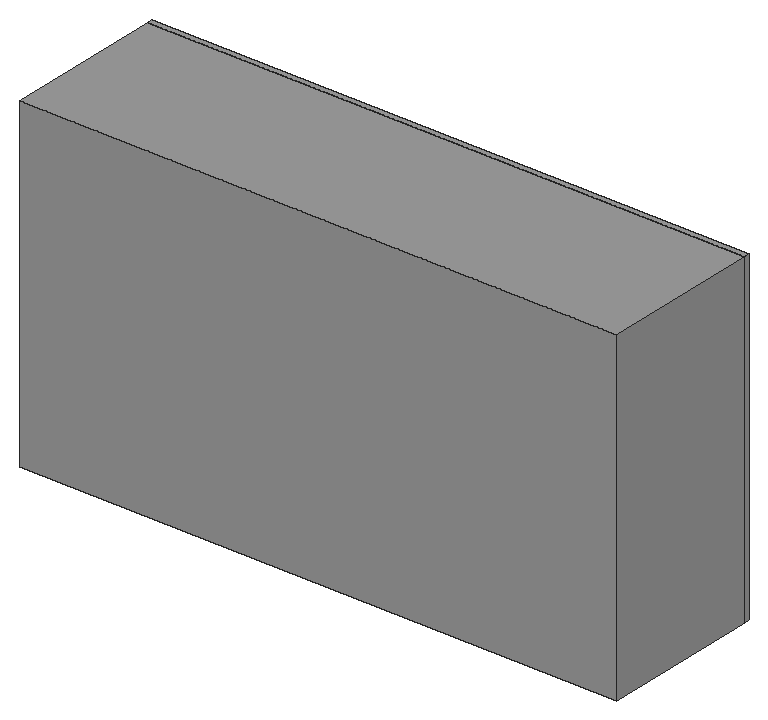
Revit family "Kubus M LED 1-s Sentr (skrått 45 grader ned mot venstre_veggmontasje)", category Lighting Fixtures, Revit 2013
Parameters (values of type "23m")
  Width = 70 mm
  Wattage Comments = "17 W"
  Wattage = 9.2903 W
  built-in parameter 1150110 = 1 (stored number, unit not read)
  Voltage = 230 V
  URL = ""
  built-in parameter 1114217 = 1 (stored number, unit not read)
  Tilt Angle = 90.00°
  built-in parameter 1150109 = 1 (stored number, unit not read)
  built-in parameter 1150134 = 3
  Symbol Positive Direction [instance] = yes
  Symbol Offset Side [instance] = 0 mm
  Symbol Offset Out [instance] = 0 mm
  built-in parameter 1150113 = 1 (stored number, unit not read)
  Reference Line Out [instance] = 50 mm
  Photometric Web File = "20x42A12.ies"
  Number of Poles = 1
  built-in parameter 1150105 = 109.82 (stored number, unit not read)
  Lumens = 1380 lm
  built-in parameter 1150115 = 1 (stored number, unit not read)
  Load Classification [instance] = Other
  Model = ""
  Manufacturer = ""
  built-in parameter 1150137 = (empty or 0)
  built-in parameter 1150139 = (empty or 0)
  Length 1 = Length - 30 mm  # 225 mm
  Length = 255 mm
  built-in parameter 1150112 = 1 (stored number, unit not read)
  built-in parameter 1150114 = 1 (stored number, unit not read)
  Lamp = "1"
  built-in parameter 1150132 = (empty or 0)
  built-in parameter 1150102 = (empty or 0)
  built-in parameter 1150107 = 3200 (stored number, unit not read)
  built-in parameter 1150138 = (empty or 0)
  built-in parameter 1150106 = 1.0982 (stored number, unit not read)
  Height 1 = Height - 30 mm  # 110 mm
  Height = 140 mm
  Emit from Rectangle Width = Height  # 140 mm
  Emit from Rectangle Length = Length  # 255 mm
  Emit Shape Visible in Rendering = no
  built-in parameter 1150104 = 13.8 (stored number, unit not read)
  Dimming Lamp Color Temperature Shift = <None>
  Description = ""
  Color Filter = 16777215
  Body Material and Colour = Default
  built-in parameter 1114218 = 1 (stored number, unit not read)
  built-in parameter 1150133 = 10 (stored number, unit not read)
  Assembly Code = ""
  Apparent Load = 17 VA
  60m = no
  35m = no
  23m = yes
Types (3, lengths in mm): name | Reference Line Out | Length 1 | Length | Height 1 | Height | Emit from Rectangle Width | Emit from Rectangle Length | 60m | 35m | 23m
  23m | 50 | 225 | 255 | 110 | 140 | 140 | 255 | no | no | yes
  35m | 291.501 | 346 | 376 | 170 | 200 | 200 | 376 | no | yes | no
  60m | 50 | 575 | 605 | 285 | 315 | 315 | 605 | yes | no | no
Reference planes
  plane 1 "Light Source Axis (F/B)": y = 119.961
  plane 2 "Top": z = 83
  plane 3 "Light Source Axis (L/R)": x = 0
  plane 4 "Level": z = 0
  plane 5 "Bottom": z = -140
  plane 6: x = -127.5
  plane 7: x = 127.5
  plane 8: y = 187.961
  plane 9: y = 189.961
  plane 10: z = -15
  plane 11: x = -112.5
  plane 12: x = 112.5
  plane 13: z = -70
  plane 14: z = -125
Forms (mm)
  Extrusion 1, solid, material "Default" <- "Body Material and Colour"
    sketch origin (0, 119.961, 0) x (1, 0, 0) y (0, 0, 1)
      loop
        line (-127.5, 0) -> (-127.5, -140) -> (127.5, -140) -> (127.5, 0) -> (-127.5, 0)
    from 0 to -68
  Extrusion 2, solid, material "Default" <- "Body Material and Colour"
    sketch origin (0, 119.961, 0) x (1, 0, 0) y (0, 0, 1)
      loop
        line (-127.5, 0) -> (-127.5, -140) -> (127.5, -140) -> (127.5, 0) -> (-127.5, 0)
      loop
        line (-112.5, -15) -> (-112.5, -125) -> (112.5, -125) -> (112.5, -15) -> (-112.5, -15)
    from -70 to -68
Lines and regions (mm)
  model lines, style "InvisibleLines"
    curve 1: line (0, 119.961, 0) -> (0, 169.961, 0)
Dimensions and locks
  equal spacing: plane 6, plane 3 "Light Source Axis (L/R)", plane 7
  "Length": plane 6 to plane 7
  plane 8 to plane 1 "Light Source Axis (F/B)" = 68 mm
  locked: plane 9 to plane 8 at 2
  equal spacing: plane 4 "Level", plane 13, plane 5 "Bottom"
  "Height": plane 4 "Level" to plane 5 "Bottom"
  equal spacing: plane 11, plane 3 "Light Source Axis (L/R)", plane 12
  "Length 1": plane 11 to plane 12
  equal spacing: plane 10, plane 13, plane 14
  "Height 1": plane 10 to plane 14
  "Width": plane 1 "Light Source Axis (F/B)" to plane 9
  "Reference Line Out": plane 1 "Light Source Axis (F/B)" to curve 1
  aligned and locked: plane 4 "Level" to level
  aligned and locked: plane 8 to nested 2
  aligned and locked: nested 2 to plane 13
  aligned and locked: plane 3 "Light Source Axis (L/R)" to nested 3
  aligned and locked: plane 1 "Light Source Axis (F/B)" to nested 3
  aligned and locked: plane 8 to nested 1
  aligned and locked: plane 4 "Level" to Extrusion 1 sketch curve
  aligned and locked: plane 6 to Extrusion 1 sketch curve
  aligned and locked: plane 5 "Bottom" to Extrusion 1 sketch curve
  aligned and locked: Extrusion 1 sketch curve to plane 7
  aligned and locked: Extrusion 1 to plane 8
  aligned and locked: plane 1 "Light Source Axis (F/B)" to Extrusion 1
  aligned and locked: plane 4 "Level" to Extrusion 2 sketch curve
  aligned and locked: Extrusion 2 sketch curve to plane 7
  aligned and locked: plane 5 "Bottom" to Extrusion 2 sketch curve
  aligned and locked: plane 6 to Extrusion 2 sketch curve
  aligned and locked: Extrusion 2 sketch curve to plane 10
  aligned and locked: plane 11 to Extrusion 2 sketch curve
  aligned and locked: plane 14 to Extrusion 2 sketch curve
  aligned and locked: Extrusion 2 sketch curve to plane 12
  aligned and locked: plane 8 to Extrusion 2
  aligned and locked: Extrusion 2 to plane 9
  aligned and locked: nested 1 to plane 13
  aligned and locked: plane 13 to nested 4
  aligned and locked: plane 3 "Light Source Axis (L/R)" to nested 4
  aligned and locked: plane 8 to nested 4
  aligned and locked: imposter light to plane 9
  aligned and locked: plane 13 to imposter light
  aligned and locked: plane 1 "Light Source Axis (F/B)" to curve 1
  aligned and locked: plane 3 "Light Source Axis (L/R)" to curve 1
Nested families
  nested 1: "23m_skrått 45 grader ned mot venstre" at (0, 187.961, -70), visible <- "23m", type "23m"
  nested 2: "35m_skrått 45 grader ned mot venstre" at (0, 187.961, -70), visible <- "35m", type "35m"
  nested 3: "MarkeringslysS" at (0, 119.961, 0), type "Type 1"
  nested 4: "60m_skrått 45 grader ned mot venstre" at (0, 189.961, -70), visible <- "60m", type "60m"
Connectors
  electrical at (0, 119.961, 0), driven by "Number of Poles", driven by "Load Classification", driven by "Voltage", driven by "Apparent Load"
    settings: index 1, voltage 230 V, apparent load 0 VA, apparent load phase1 17 VA, apparent load phase2 0 VA, apparent load phase3 0 VA, power factor 1, load classification "Other", number of poles 1, system type 31, power factor state 1, is connector primary yes, connector utility no, sub classification motor no, connector description ""
Definition of nested family "23m_skrått 45 grader ned mot venstre"
  Parameters (values of type "23m")
    Material = yes
    L = 205 mm
    H = 135 mm
  Reference planes
    plane 1 "Center (Front/Back)": y = 0
    plane 2: z = 0
    plane 3 "Center (Left/Right)": x = 0
    plane 4: y = -2
  Forms (mm)
    Extrusion 1, solid, material "Green", visible <- "Material"
      sketch origin (453.48, 0, -265.275) x (1, 0, 0) y (0, 0, 1)
        loop
          line (-565.98, 320.275) -> (-565.98, 210.275) -> (-340.98, 210.275) -> (-340.98, 320.275) -> (-565.98, 320.275)
        loop
          line (-402.236, 236.361) -> (-371.594, 236.361) -> (-371.594, 267.002) -> (-380.787, 276.194) -> (-380.787, 254.746) -> (-426.159, 300.118) -> (-435.352, 290.926) -> (-389.979, 245.553) -> (-411.428, 245.553) -> (-402.236, 236.361)
        loop
          circle (-474.766, 303.483) r 7
        loop
          line (-480.5, 291.17) -> (-486.111, 295.878) -> (-519.738, 289.33) -> (-528.167, 276.351)
          arc (-528.167, 276.351) -> (-528.437, 274.892) -> (-527.597, 273.669) r 1.939
          line (-527.597, 273.669) -> (-525.357, 272.215)
          arc (-525.357, 272.215) -> (-523.849, 271.956) -> (-522.622, 272.872) r 1.939
          line (-522.622, 272.872) -> (-516.565, 283.363) -> (-499.748, 286.638) -> (-516.024, 258.447) -> (-532.794, 258.447)
          arc (-532.794, 258.447) -> (-535.079, 257.5) -> (-536.025, 255.215) r 3.232
          line (-536.025, 255.215) -> (-536.025, 251.984)
          arc (-536.025, 251.984) -> (-535.079, 249.699) -> (-532.794, 248.752) r 3.232
          line (-532.794, 248.752) -> (-499.232, 248.752) -> (-494.068, 257.695) -> (-487.551, 252.226) -> (-487.551, 225.892)
          arc (-487.551, 225.892) -> (-486.604, 223.607) -> (-484.319, 222.661) r 3.232
          line (-484.319, 222.661) -> (-481.087, 222.661)
          arc (-481.087, 222.661) -> (-478.802, 223.607) -> (-477.856, 225.892) r 3.232
          line (-477.856, 225.892) -> (-477.856, 256.746) -> (-489.146, 266.22) -> (-484.224, 274.746) -> (-473.474, 265.726)
          arc (-473.474, 265.726) -> (-472.059, 265.28) -> (-470.743, 265.965) r 1.939
          line (-470.743, 265.965) -> (-469.081, 267.946)
          arc (-469.081, 267.946) -> (-468.635, 269.361) -> (-469.32, 270.677) r 1.939
          line (-469.32, 270.677) -> (-480.942, 280.43) -> (-476.849, 287.519) -> (-480.5, 291.17)
      from 0 to 2
  Dimensions and locks
    Extrusion 1 sketch curve to plane 3 "Center (Left/Right)" to Extrusion 1 sketch curve = 112.5 mm, 112.5 mm
    aligned and locked: level to plane 2
Definition of nested family "35m_skrått 45 grader ned mot venstre"
  Parameters (values of type "35m")
    Material = yes
    L = 425.577 mm
    H = 260 mm
  Reference planes
    plane 1 "Center (Front/Back)": y = 0
    plane 2: z = 0
    plane 3 "Center (Left/Right)": x = 0
    plane 4: y = -2
  Forms (mm)
    Extrusion 1, solid, material "Green", visible <- "Material"
      sketch origin (0, 0, 0) x (1, 0, 0) y (0, 0, 1)
        loop
          line (-173, 85) -> (-173, -85) -> (173, -85) -> (173, 85) -> (-173, 85)
        loop
          line (79.155, -50.019) -> (138.081, -50.076) -> (138.137, 8.85) -> (120.476, 26.544) -> (120.437, -14.703) -> (46.78, 58.954) -> (29.085, 41.293) -> (102.742, -32.364) -> (61.46, -32.325) -> (79.155, -50.019)
        loop
          circle (-41.697, 48.678) r 8.988
        loop
          line (-49.059, 32.868) -> (-56.264, 38.913) -> (-99.442, 30.506) -> (-110.264, 13.841)
          arc (-110.264, 13.841) -> (-110.611, 11.967) -> (-109.532, 10.397) r 2.49
          line (-109.532, 10.397) -> (-106.657, 8.53)
          arc (-106.657, 8.53) -> (-104.72, 8.197) -> (-103.145, 9.373) r 2.49
          line (-103.145, 9.373) -> (-95.367, 22.844) -> (-73.774, 27.049) -> (-94.672, -9.148) -> (-116.205, -9.148)
          arc (-116.205, -9.148) -> (-119.139, -10.364) -> (-120.355, -13.298) r 4.149
          line (-120.355, -13.298) -> (-120.355, -17.447)
          arc (-120.355, -17.447) -> (-119.139, -20.381) -> (-116.205, -21.597) r 4.149
          line (-116.205, -21.597) -> (-73.111, -21.597) -> (-66.481, -10.114) -> (-58.112, -17.137) -> (-58.112, -50.949)
          arc (-58.112, -50.949) -> (-56.897, -53.883) -> (-53.963, -55.098) r 4.149
          line (-53.963, -55.098) -> (-49.813, -55.098)
          arc (-49.813, -55.098) -> (-46.879, -53.883) -> (-45.664, -50.949) r 4.149
          line (-45.664, -50.949) -> (-45.664, -11.332) -> (-60.161, 0.833) -> (-53.841, 11.78) -> (-40.038, 0.198)
          arc (-40.038, 0.198) -> (-38.221, -0.375) -> (-36.531, 0.505) r 2.49
          line (-36.531, 0.505) -> (-34.397, 3.048)
          arc (-34.397, 3.048) -> (-33.824, 4.865) -> (-34.704, 6.556) r 2.49
          line (-34.704, 6.556) -> (-49.627, 19.078) -> (-44.372, 28.181) -> (-49.059, 32.868)
      from 0 to 2
  Dimensions and locks
    aligned and locked: level to plane 2
    aligned and locked: plane 4 to Extrusion 1
    aligned and locked: Extrusion 1 to plane 1 "Center (Front/Back)"
    aligned and locked: Extrusion 1 to plane 4
Definition of nested family "60m_skrått 45 grader ned mot venstre"
  Parameters (values of type "60m")
    Material = yes
    L = 425.577 mm
    H = 260 mm
  Reference planes
    plane 1 "Center (Front/Back)": y = 0
    plane 2: z = 0
    plane 3 "Center (Left/Right)": x = 0
    plane 4: y = -2
  Forms (mm)
    Extrusion 1, solid, material "Green", visible <- "Material"
      sketch origin (0, 0, 0) x (1, 0, 0) y (0, 0, 1)
        loop
          line (-287.5, 142.5) -> (-287.5, -142.5) -> (287.5, -142.5) -> (287.5, 142.5) -> (-287.5, 142.5)
        loop
          line (125.082, -81.35) -> (221.325, -81.35) -> (221.325, 14.893) -> (192.452, 43.766) -> (192.452, -23.604) -> (72.148, 96.699) -> (43.275, 67.826) -> (163.579, -52.477) -> (96.209, -52.477) -> (125.082, -81.35)
        loop
          circle (-89.224, 88.058) r 17.538
        loop
          line (-103.589, 57.208) -> (-117.647, 69.004) -> (-201.898, 52.599) -> (-223.014, 20.082)
          arc (-223.014, 20.082) -> (-223.692, 16.426) -> (-221.586, 13.362) r 4.858
          line (-221.586, 13.362) -> (-215.976, 9.718)
          arc (-215.976, 9.718) -> (-212.196, 9.069) -> (-209.123, 11.364) r 4.858
          line (-209.123, 11.364) -> (-193.947, 37.65) -> (-151.813, 45.854) -> (-192.591, -24.776) -> (-234.607, -24.776)
          arc (-234.607, -24.776) -> (-240.332, -27.148) -> (-242.704, -32.873) r 8.097
          line (-242.704, -32.873) -> (-242.704, -40.969)
          arc (-242.704, -40.969) -> (-240.332, -46.695) -> (-234.607, -49.066) r 8.097
          line (-234.607, -49.066) -> (-150.52, -49.066) -> (-137.584, -26.66) -> (-121.254, -40.363) -> (-121.254, -106.339)
          arc (-121.254, -106.339) -> (-118.882, -112.064) -> (-113.157, -114.436) r 8.097
          line (-113.157, -114.436) -> (-105.06, -114.436)
          arc (-105.06, -114.436) -> (-99.335, -112.064) -> (-96.964, -106.339) r 8.097
          line (-96.964, -106.339) -> (-96.964, -29.037) -> (-125.251, -5.3) -> (-112.919, 16.06) -> (-85.987, -6.539)
          arc (-85.987, -6.539) -> (-82.441, -7.657) -> (-79.143, -5.94) r 4.858
          line (-79.143, -5.94) -> (-74.979, -0.978)
          arc (-74.979, -0.978) -> (-73.861, 2.568) -> (-75.578, 5.866) r 4.858
          line (-75.578, 5.866) -> (-104.697, 30.3) -> (-94.443, 48.062) -> (-103.589, 57.208)
      from 0 to 2
  Dimensions and locks
    aligned and locked: level to plane 2
    aligned and locked: Extrusion 1 to plane 4  (x2)
    aligned and locked: Extrusion 1 to plane 1 "Center (Front/Back)"
Definition of nested family "MarkeringslysS"
  Parameters (values of type "Type 1")
    CQ Symbol Positive Direction = yes
    CQ Symbol Negative Direction = not(CQ Symbol Positive Direction)  # no
    CQ Symbol Offset Side = 0 mm
    CQ Symbol Offset Out = 0 mm
  Reference planes
    plane 1: y = 0
    plane 2: x = 0
  Dimensions and locks
    "CQ Symbol Offset Out": plane 1 to nested 1
    "CQ Symbol Offset Out": plane 1 to nested 2
    "CQ Symbol Offset Side": plane 2 to nested 2
    "CQ Symbol Offset Side": nested 1 to plane 2
  Nested families
    nested 1: "LedelysSub" at (0, 0, 0), visible <- "CQ Symbol Negative Direction", type "Type 1"
    nested 2: "LedelysSub" at (0, 0, 0), visible <- "CQ Symbol Positive Direction", type "Type 1"
  Definition of nested family "LedelysSub"
    Reference planes
      plane 1: y = 0
      plane 2: x = 0
    Lines and regions (mm)
      Filled region 1, type "Filled region 1"
        outline origin (64.576, 53.459, 0) x (1, 0, 0) y (0, 1, 0)
          loop
            arc (-65.575, -52.307) -> (-65.224, -51.459) -> (-65.575, -50.61) r 1.2
            line (-65.575, -50.61) -> (-66.424, -51.459) -> (-65.575, -52.307)
      Filled region 2, type "Filled region 1"
        outline origin (-68.271, 53.459, 0) x (0, 1, 0) y (-1, 0, 0)
          loop
            line (-52.307, -65.575) -> (-51.459, -66.424) -> (-50.61, -65.575)
            arc (-50.61, -65.575) -> (-51.459, -65.224) -> (-52.307, -65.575) r 1.2
      detail lines
        curve 1: line (-4, 0, 0) -> (4, 0, 0)
        curve 2: line (4, 0, 0) -> (4, 4, 0)
        curve 3: line (4, 4, 0) -> (-4, 4, 0)
        curve 4: line (-4, 4, 0) -> (-4, 0, 0)
        curve 5: line (-3.097, 0.75, 0) -> (-0.597, 3.25, 0)
        curve 6: line (-3.097, 3.25, 0) -> (-0.597, 0.75, 0)
        curve 7: circle (-1.847, 2, 0) r 1.2 normal (0, 0, 1)
    Text (mm)
      text "ML" at (2.179, 3.025, 0)
    Dimensions and locks
      aligned and locked: Filled region 1 sketch curve to curve 7
